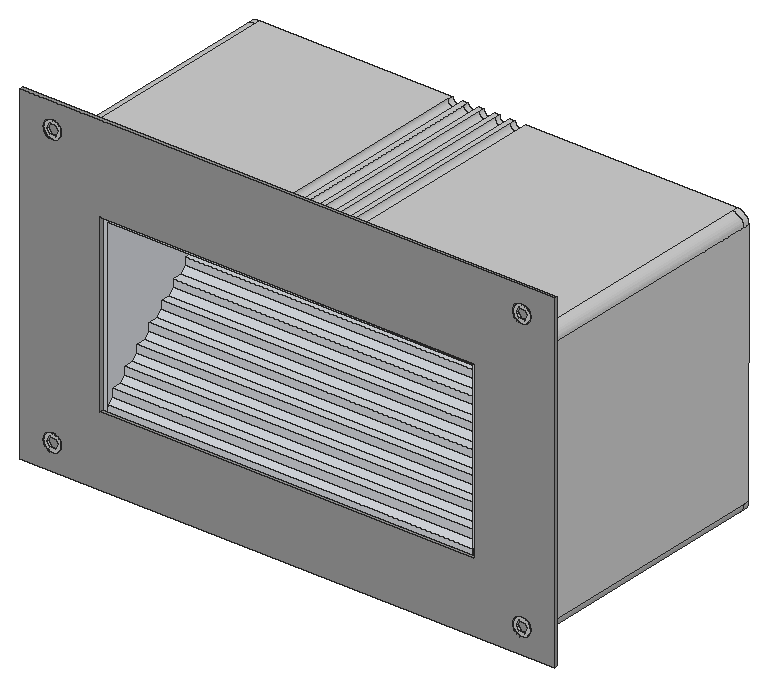
Revit family "WALL LIGHT 03_LK2407WW", category Luminarias, Revit 2019
Family settings
  Cota de conector redondo = Diámetro de uso
  Tipo de pieza = Normal
  Se basa en plano de trabajo = Sí
  Siempre vertical = No
  Corte con vacíos al cargar = No
  Origen de luz = Sí
  Compartido = No
  Punto de cálculo de habitación = No
Parameters (values of type "WALL LIGHT 03_LK2407WW")
  Ángulo de inclinación = 60.00°
  Zone [instance] = ""
  Watt per fixture = 4.8
  Wattage = 4.8 W
  built-in parameter 1150107 = 3000 (stored number, unit not read)
  built-in parameter 1150110 = 1 (stored number, unit not read)
  built-in parameter 1150109 = 1 (stored number, unit not read)
  built-in parameter 1150112 = 1 (stored number, unit not read)
  built-in parameter 1150113 = 1 (stored number, unit not read)
  built-in parameter 1114218 = 1 (stored number, unit not read)
  Keynote = ""
  built-in parameter 1150137 = (empty or 0)
  built-in parameter 1150132 = (empty or 0)
  Modelo = "LK2407WW"
  Lámpara = "SMD 3020"
  Longitud [instance] = 1000 mm
  built-in parameter 1150105 = 5.4087 (stored number, unit not read)
  built-in parameter 1150102 = (empty or 0)
  built-in parameter 1150106 = 0.054087 (stored number, unit not read)
  Lumens = 67.968 lm
  Color Filter = 16777215
  built-in parameter 1114217 = 1 (stored number, unit not read)
  built-in parameter 1150139 = (empty or 0)
  Fabricante = "BRILLANT"
  Default Elevation = 0 mm
  built-in parameter 1150104 = 1.3155 (stored number, unit not read)
  Descripción = "LUMINARIA TIPO RECTANGULAR PARA EMPOTRAR EN MURO CON CUERPO DE ALUMINIO FUNDIDO A PRESION CUBIERTO CON POLVO GRIS OSCURO, IP 65 USO PARA INTERIORES O EXTERIORES CON CUERPO DE 1KG, CUENTA CON 24 LED TIPO SMD3020 CON UNA POTENCIA TOTAL DE 4.8W, A UNA TEMPERATURA EN BLANCO CALIDO 3000K CON 68 LUMENES, EFICIENCIA DE 14.16LM/W, IRC 80, IK10,  APERTURA A 120 GRADOS EN STOCK, 36mA EN CORRIENTE DE OPERACIÓN, ALIMENTADA A 100-240V."
  built-in parameter 1150115 = 1 (stored number, unit not read)
  built-in parameter 1150114 = 1 (stored number, unit not read)
  Comentarios de vataje = "100-240V"
  built-in parameter 1150138 = (empty or 0)
  built-in parameter 1150134 = (empty or 0)
  Circuit [instance] = ""
  Dimming Lamp Color Temperature Shift = (empty or 0)
  Archivo de red fotométrica = "LK2407WW.IES"
  built-in parameter 1150133 = 10 (stored number, unit not read)
Reference planes
  plane 1 "Centro (Frontal/Posterior)": y = 0
  plane 2: z = 0
  plane 3 "Centro (Izquierda/Derecha)": x = 0
Forms (mm)
  Extrusion 1, solid, material "Acabado Blanco"
    sketch origin (0, 0, 0) x (1, 0, 0) y (0, 0, 1)
      loop
        line (-85.5, 106) -> (-85.5, 0) -> (85.5, 0) -> (85.5, 106) -> (-85.5, 106)
      loop
        line (-60, 78.305) -> (-60, 22.305) -> (60, 22.305) -> (60, 78.305) -> (-60, 78.305)
    from -1.076 to 0
  Extrusion 2, solid, material "Acero Inoxidable"
    sketch origin (0, 0, 0) x (1, 0, 0) y (0, 0, 1)
      loop
        arc (-76.663, 91.5) -> (-79.111, 90.486) -> (-80.125, 88.038) r 3.462
        line (-80.125, 88.038) -> (-80.125, 8.5)
        arc (-80.125, 8.5) -> (-79.111, 6.052) -> (-76.663, 5.038) r 3.462
        line (-76.663, 5.038) -> (-14.823, 5.038)
        arc (-14.823, 5.038) -> (-13.125, 6.735) -> (-11.427, 5.038) r 1.698
        line (-11.427, 5.038) -> (-9.823, 5.038)
        arc (-9.823, 5.038) -> (-8.125, 6.735) -> (-6.427, 5.038) r 1.698
        line (-6.427, 5.038) -> (-4.823, 5.038)
        arc (-4.823, 5.038) -> (-3.125, 6.735) -> (-1.427, 5.038) r 1.698
        line (-1.427, 5.038) -> (0.177, 5.038)
        arc (0.177, 5.038) -> (1.875, 6.735) -> (3.573, 5.038) r 1.698
        line (3.573, 5.038) -> (5.177, 5.038)
        arc (5.177, 5.038) -> (6.875, 6.735) -> (8.573, 5.038) r 1.698
        line (8.573, 5.038) -> (76.413, 5.038)
        arc (76.413, 5.038) -> (78.861, 6.052) -> (79.875, 8.5) r 3.462
        line (79.875, 8.5) -> (79.875, 88.038)
        arc (79.875, 88.038) -> (78.861, 90.486) -> (76.413, 91.5) r 3.462
        line (76.413, 91.5) -> (8.573, 91.5)
        arc (8.573, 91.5) -> (6.875, 89.802) -> (5.177, 91.5) r 1.698
        line (5.177, 91.5) -> (3.573, 91.5)
        arc (3.573, 91.5) -> (1.875, 89.802) -> (0.177, 91.5) r 1.698
        line (0.177, 91.5) -> (-1.427, 91.5)
        arc (-1.427, 91.5) -> (-3.125, 89.802) -> (-4.823, 91.5) r 1.698
        line (-4.823, 91.5) -> (-6.427, 91.5)
        arc (-6.427, 91.5) -> (-8.125, 89.802) -> (-9.823, 91.5) r 1.698
        line (-9.823, 91.5) -> (-11.427, 91.5)
        arc (-11.427, 91.5) -> (-13.125, 89.802) -> (-14.823, 91.5) r 1.698
        line (-14.823, 91.5) -> (-76.663, 91.5)
      loop
        line (-75.125, 86.269) -> (-75.125, 49.526)
        arc (-75.125, 49.526) -> (-69.422, 48.191) -> (-75.125, 46.856) r 3.008
        line (-75.125, 46.856) -> (-75.125, 10.269) -> (-59.468, 10.269) -> (-59.468, 13.238) -> (-58.668, 13.238) -> (-58.668, 11.675) -> (-55.268, 11.675) -> (-55.268, 13.238) -> (-54.468, 13.238) -> (-54.468, 10.269) -> (-42.528, 10.269) -> (-42.528, 13.238) -> (-41.728, 13.238) -> (-41.728, 11.675) -> (-38.328, 11.675) -> (-38.328, 13.238) -> (-37.528, 13.238) -> (-37.528, 10.269) -> (-31.631, 10.269) -> (-31.631, 13.238) -> (-30.831, 13.238) -> (-30.831, 11.675) -> (-27.431, 11.675) -> (-27.431, 13.238) -> (-26.631, 13.238) -> (-26.631, 10.269) -> (-18.362, 10.269) -> (-18.362, 13.238) -> (-17.562, 13.238) -> (-17.562, 11.675) -> (-14.162, 11.675) -> (-14.162, 13.238) -> (-13.362, 13.238) -> (-13.362, 10.269) -> (13.362, 10.269) -> (13.362, 13.238) -> (14.162, 13.238) -> (14.162, 11.675) -> (17.562, 11.675) -> (17.562, 13.238) -> (18.362, 13.238) -> (18.362, 10.269) -> (26.631, 10.269) -> (26.631, 13.238) -> (27.431, 13.238) -> (27.431, 11.675) -> (30.831, 11.675) -> (30.831, 13.238) -> (31.631, 13.238) -> (31.631, 10.269) -> (37.528, 10.269) -> (37.528, 13.238) -> (38.328, 13.238) -> (38.328, 11.675) -> (41.728, 11.675) -> (41.728, 13.238) -> (42.528, 13.238) -> (42.528, 10.269) -> (54.468, 10.269) -> (54.468, 13.238) -> (55.268, 13.238) -> (55.268, 11.675) -> (58.668, 11.675) -> (58.668, 13.238) -> (59.468, 13.238) -> (59.468, 10.269) -> (75.125, 10.269) -> (75.125, 46.856)
        arc (75.125, 46.856) -> (69.422, 48.191) -> (75.125, 49.526) r 3.008
        line (75.125, 49.526) -> (75.125, 86.269) -> (59.468, 86.269) -> (59.468, 83.299) -> (58.668, 83.299) -> (58.668, 84.863) -> (55.268, 84.863) -> (55.268, 83.299) -> (54.468, 83.299) -> (54.468, 86.269) -> (42.528, 86.269) -> (42.528, 83.299) -> (41.728, 83.299) -> (41.728, 84.863) -> (38.328, 84.863) -> (38.328, 83.299) -> (37.528, 83.299) -> (37.528, 86.269) -> (31.631, 86.269) -> (31.631, 83.299) -> (30.831, 83.299) -> (30.831, 84.863) -> (27.431, 84.863) -> (27.431, 83.299) -> (26.631, 83.299) -> (26.631, 86.269) -> (18.362, 86.269) -> (18.362, 83.299) -> (17.562, 83.299) -> (17.562, 84.863) -> (14.162, 84.863) -> (14.162, 83.299) -> (13.362, 83.299) -> (13.362, 86.269) -> (-13.362, 86.269) -> (-13.362, 83.299) -> (-14.162, 83.299) -> (-14.162, 84.863) -> (-17.562, 84.863) -> (-17.562, 83.299) -> (-18.362, 83.299) -> (-18.362, 86.269) -> (-26.631, 86.269) -> (-26.631, 83.299) -> (-27.431, 83.299) -> (-27.431, 84.863) -> (-30.831, 84.863) -> (-30.831, 83.299) -> (-31.631, 83.299) -> (-31.631, 86.269) -> (-37.528, 86.269) -> (-37.528, 83.299) -> (-38.328, 83.299) -> (-38.328, 84.863) -> (-41.728, 84.863) -> (-41.728, 83.299) -> (-42.528, 83.299) -> (-42.528, 86.269) -> (-54.468, 86.269) -> (-54.468, 83.299) -> (-55.268, 83.299) -> (-55.268, 84.863) -> (-58.668, 84.863) -> (-58.668, 83.299) -> (-59.468, 83.299) -> (-59.468, 86.269) -> (-75.125, 86.269)
      loop
        circle (-72.43, 48.191) r 0.781
      loop
        circle (72.43, 48.191) r 0.781
    from -82.701 to -1.076
  Extrusion 3, solid, material "Acero Inoxidable"
    sketch origin (0, 0, 0) x (1, 0, 0) y (0, 0, 1)
      loop
        arc (-76.663, 91.5) -> (-79.111, 90.486) -> (-80.125, 88.038) r 3.462
        line (-80.125, 88.038) -> (-80.125, 8.5)
        arc (-80.125, 8.5) -> (-79.111, 6.052) -> (-76.663, 5.038) r 3.462
        line (-76.663, 5.038) -> (-14.823, 5.038)
        arc (-14.823, 5.038) -> (-13.125, 6.735) -> (-11.427, 5.038) r 1.698
        line (-11.427, 5.038) -> (-9.823, 5.038)
        arc (-9.823, 5.038) -> (-8.125, 6.735) -> (-6.427, 5.038) r 1.698
        line (-6.427, 5.038) -> (-4.823, 5.038)
        arc (-4.823, 5.038) -> (-3.125, 6.735) -> (-1.427, 5.038) r 1.698
        line (-1.427, 5.038) -> (0.177, 5.038)
        arc (0.177, 5.038) -> (1.875, 6.735) -> (3.573, 5.038) r 1.698
        line (3.573, 5.038) -> (5.177, 5.038)
        arc (5.177, 5.038) -> (6.875, 6.735) -> (8.573, 5.038) r 1.698
        line (8.573, 5.038) -> (76.413, 5.038)
        arc (76.413, 5.038) -> (78.861, 6.052) -> (79.875, 8.5) r 3.462
        line (79.875, 8.5) -> (79.875, 88.038)
        arc (79.875, 88.038) -> (78.861, 90.486) -> (76.413, 91.5) r 3.462
        line (76.413, 91.5) -> (8.573, 91.5)
        arc (8.573, 91.5) -> (6.875, 89.802) -> (5.177, 91.5) r 1.698
        line (5.177, 91.5) -> (3.573, 91.5)
        arc (3.573, 91.5) -> (1.875, 89.802) -> (0.177, 91.5) r 1.698
        line (0.177, 91.5) -> (-1.427, 91.5)
        arc (-1.427, 91.5) -> (-3.125, 89.802) -> (-4.823, 91.5) r 1.698
        line (-4.823, 91.5) -> (-6.427, 91.5)
        arc (-6.427, 91.5) -> (-8.125, 89.802) -> (-9.823, 91.5) r 1.698
        line (-9.823, 91.5) -> (-11.427, 91.5)
        arc (-11.427, 91.5) -> (-13.125, 89.802) -> (-14.823, 91.5) r 1.698
        line (-14.823, 91.5) -> (-76.663, 91.5)
    from -84.639 to -82.701
  Extrusion 4, void
    sketch origin (0, 0, 0) x (1, 0, 0) y (0, 0, 1)
      loop
        circle (-66.764, 77.896) r 5
      loop
        circle (67.47, 17.948) r 5
    from -84.639 to -82.701
  Extrusion 5, solid
    sketch origin (-5.531, 0, 17.605) x (0, 0, 1) y (0, -1, 0)
      loop
        line (44.699, -48.145) -> (61.197, -48.145) -> (61.197, -1.076) -> (59.697, -1.076) -> (59.697, -46.645) -> (45.393, -46.645) -> (43.973, -44.974) -> (43.973, -41.779) -> (41.509, -41.779) -> (39.838, -40.108) -> (39.838, -36.914) -> (37.375, -36.914) -> (35.704, -35.243) -> (35.704, -32.049) -> (33.24, -32.049) -> (31.569, -30.378) -> (31.569, -27.184) -> (29.106, -27.184) -> (27.435, -25.513) -> (27.435, -22.319) -> (24.971, -22.319) -> (23.3, -20.648) -> (23.3, -17.453) -> (20.836, -17.453) -> (19.165, -15.782) -> (19.165, -12.588) -> (16.702, -12.588) -> (15.031, -10.917) -> (15.031, -7.723) -> (12.567, -7.723) -> (10.896, -6.052) -> (10.896, -2.858) -> (8.182, -2.858) -> (6.668, -1.076) -> (4.699, -1.076) -> (44.699, -48.145)
    from -52.969 to 64.031
  Extrusion 6, solid
    sketch origin (0, 0, 0) x (1, 0, 0) y (0, 0, 1)
      loop
        line (-60, 78.305) -> (-60, 22.305) -> (60, 22.305) -> (60, 78.305) -> (-60, 78.305)
      loop
        line (-58.5, 23.805) -> (58.5, 23.805) -> (58.5, 76.805) -> (-58.5, 76.805) -> (-58.5, 23.805)
    from -1.076 to -48.145
  Extrusion 7, void
    sketch origin (0, 0, 0) x (1, 0, 0) y (0, 0, 1)
      loop
        circle (-75.147, 8.11) r 3.001
      loop
        circle (75.147, 8.11) r 3.001
      loop
        circle (-75.147, 97.89) r 3.001
      loop
        circle (75.147, 97.89) r 3.001
    from -0.64 to 0
  Extrusion 8, solid, material "Acero Inoxidable"
    sketch origin (0, 0, 0) x (1, 0, 0) y (0, 0, 1)
      loop
        line (-76.064, 6.521) -> (-74.23, 6.521) -> (-73.312, 8.11) -> (-74.23, 9.699) -> (-76.064, 9.699) -> (-76.981, 8.11) -> (-76.064, 6.521)
      loop
        circle (-75.147, 8.11) r 2.697
      loop
        line (76.064, 6.521) -> (76.981, 8.11) -> (76.064, 9.699) -> (74.23, 9.699) -> (73.312, 8.11) -> (74.23, 6.521) -> (76.064, 6.521)
      loop
        circle (75.147, 8.11) r 2.697
      loop
        line (-76.064, 99.479) -> (-76.981, 97.89) -> (-76.064, 96.301) -> (-74.23, 96.301) -> (-73.312, 97.89) -> (-74.23, 99.479) -> (-76.064, 99.479)
      loop
        circle (-75.147, 97.89) r 2.697
      loop
        line (76.064, 99.479) -> (74.23, 99.479) -> (73.312, 97.89) -> (74.23, 96.301) -> (76.064, 96.301) -> (76.981, 97.89) -> (76.064, 99.479)
      loop
        circle (75.147, 97.89) r 2.697
    from -0.582 to 0
Cuts and joins
  Extrusion 4, Extrusion 7 cuts Extrusion 1
  Extrusion 4 cuts Extrusion 3
  joined: Extrusion 2, Extrusion 3
Lines and regions (mm)
  model lines
    curve 1: line (0, 65, 10.35) -> (0, 40, 10.35)
Dimensions and locks
  Extrusion 2 sketch curve to Extrusion 2 sketch curve = 86.462 mm
  Extrusion 2 sketch curve to Extrusion 2 sketch curve = 160 mm
  plane 1 "Centro (Frontal/Posterior)" to Extrusion 2 = 82.701 mm
  cut or joined group of Extrusion 1, Extrusion 4, Extrusion 7 to cut or joined group of Extrusion 1, Extrusion 4, Extrusion 7 = 106 mm  (x2)
  cut or joined group of Extrusion 1, Extrusion 4, Extrusion 7 to cut or joined group of Extrusion 2, Extrusion 3, Extrusion 4 = 84.639 mm
  cut or joined group of Extrusion 1, Extrusion 4, Extrusion 7 to level = 78.305 mm
  level to cut or joined group of Extrusion 1, Extrusion 4, Extrusion 7 = 78.305 mm
  cut or joined group of Extrusion 1, Extrusion 4, Extrusion 7 to cut or joined group of Extrusion 1, Extrusion 4, Extrusion 7 = 171 mm
  cut or joined group of Extrusion 1, Extrusion 4, Extrusion 7 to cut or joined group of Extrusion 1, Extrusion 4, Extrusion 7 = 120 mm
  cut or joined group of Extrusion 2, Extrusion 3, Extrusion 4 to cut or joined group of Extrusion 1, Extrusion 4, Extrusion 7 = 84.639 mm
  aligned and locked: level to plane 2
  aligned and locked: Extrusion 2 to Extrusion 3
  aligned and locked: Extrusion 3 to Extrusion 4
  aligned and locked: Extrusion 4 to Extrusion 2
Connectors
  electrical at (27.772, 84.639, 24.918)
    settings: on cut or joined group of Extrusion 2, Extrusion 3, Extrusion 4, index 1, voltage 240 V, apparent load 0 VA, apparent load phase1 0 VA, apparent load phase2 0 VA, apparent load phase3 0 VA, power factor 1, load classification "Otro", number of poles 1, system type 31, power factor state 1, is connector primary yes, connector utility no, sub classification motor no, connector description ""
